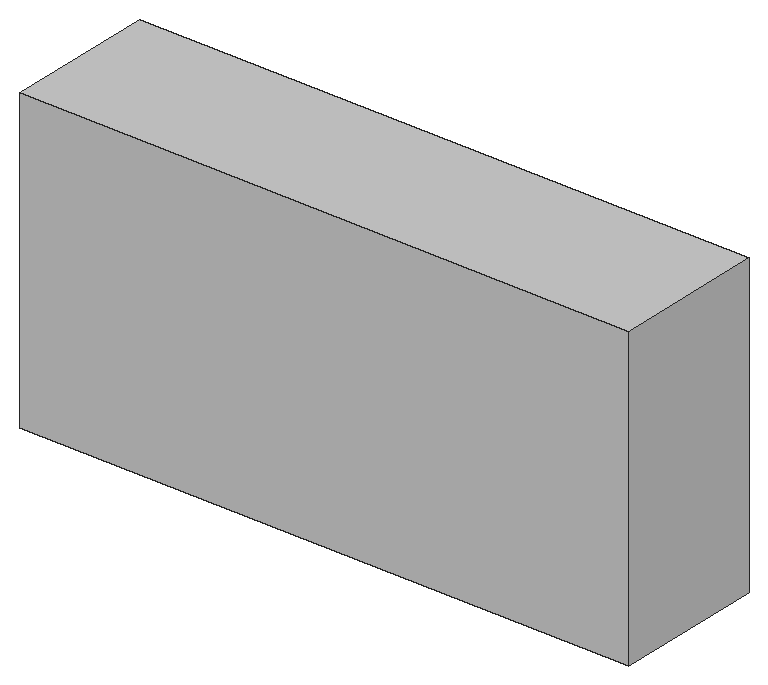
Revit family "6ba975ebe2774217aabd4eb48a251d02", category Structural Framing, Revit 2026
Family settings
  Display in Hidden Views = Edges Hidden by Other Members
  Structural Framing Length Roundoff = 0 mm
  Section Shape = Not Defined
  Material for Model Behavior = Concrete
  Always export as geometry = No
  Seek Item ID = Concrete-Rectangular Beam-0000-CAN-ENU
  Always vertical = Yes
  Cut with Voids When Loaded = No
  Symbolic Representation = From Family
  Shared = No
  Show family pre-cut in plan views = Yes
Parameters (values of type "300 x 600mm")
  Structural Material [instance] = Concrete, Cast-in-Place gray
  Length [instance] = 1524 mm
  b = 300 mm
  h = 600 mm
Types (3, lengths in mm): name | b | h
  (no name) | 300 | 600
  400 x 800mm | 400 | 800
  300 x 600mm | 300 | 600
Reference planes
  plane 1 "Center (Front/Back)": y = 0
  plane 2: z = 0
  plane 3 "Center (Left/Right)": x = 4.61
  plane 4 "Member Left": x = -604.99
  plane 5 "Member Right": x = 614.21
  plane 6: y = 150
  plane 7: y = -150
  plane 8: z = 300
  plane 9 "Bottom": z = -300
  plane 10 "Left": x = -757.39
  plane 11 "Right": x = 766.61
Forms (mm)
  Sweep 1, solid, material "Concrete, Cast-in-Place gray" <- "Structural Material"
    path origin (0, 0, 0) x (1, 0, 0) y (0, 1, 0)
      loop
        line (614.21, 0) -> (-604.99, 0)
    profile "M_Rectangular Beam-Profile : M_Rectangular Beam-Profile" origin (4.61, 0, 0) x (0, -1, 0) y (0, 0, 1)
      loop
        line (-150, -300) -> (150, -300) -> (150, 300) -> (-150, 300) -> (-150, -300)
Dimensions and locks
  "b": plane 6 to plane 7
  equal spacing: plane 9 "Bottom", plane 2, plane 8
  equal spacing: plane 6, plane 1 "Center (Front/Back)", plane 7
  "h": plane 9 "Bottom" to plane 8
  "Length": plane 10 "Left" to plane 11 "Right"
  aligned and locked: Sweep 1 sketch curve to plane 1 "Center (Front/Back)"
  aligned and locked: plane 4 "Member Left" to Sweep 1 sketch curve
  aligned and locked: plane 5 "Member Right" to Sweep 1 sketch curve
